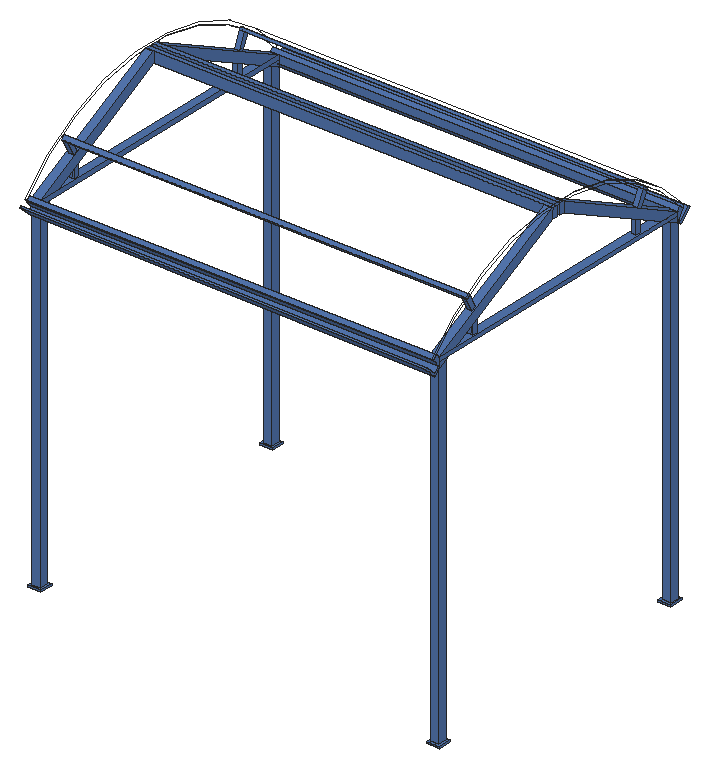
Revit family "Roof RTC-20", category Обобщенные модели, Revit 2019
Family settings
  Может служить основой для арматурных стержней = Нет
  Размер круглого соединителя = Использовать диаметр
  Тип детали = Нормальный
  На основе рабочей плоскости = Нет
  Всегда вертикально = Да
  При загрузке вырезать с полостями = Нет
  Общий = Нет
  Точка расчета площади = Нет
Parameters
  Weight = ""
  Unit of measurement = "pcs"
  URL = "https://www.perco.ru/products/krysha-rtc-20-dlya-polnorostovogo-turniketa-rtd-20.php"
  Operating temperature = "from -40°C to +55°C"
  Number = 1
  Name = "RTC-20 Roof"
  Material = Steel painted RAL 5010
  Изготовитель = "PERCo"
  Full name = "RTC-20 Roof for RTD-20 Full Height Turnstile"
  Dimensions = "2485х1840х2558 mm"
Reference planes
  plane 1 "По центру (Вперед/Назад)": y = 0
  plane 2: z = 0
  plane 3 "По центру (Влево/Вправо)": x = 0
  plane 4: y = 963.711
  plane 5: x = -1237.5
  plane 6: y = -963.711
  plane 7: x = 1237.5
Forms (mm)
  Extrusion 1, solid, material "Steel painted RAL 5010"
    sketch origin (0, 0, 0) x (1, 0, 0) y (0, 1, 0)
      loop
        line (-1252.5, 840) -> (-1172.5, 840) -> (-1172.5, 920) -> (-1252.5, 920) -> (-1252.5, 840)
      loop
        line (1252.5, 840) -> (1252.5, 920) -> (1172.5, 920) -> (1172.5, 840) -> (1252.5, 840)
      loop
        line (-1252.5, -840) -> (-1252.5, -920) -> (-1172.5, -920) -> (-1172.5, -840) -> (-1252.5, -840)
      loop
        line (1252.5, -840) -> (1172.5, -840) -> (1172.5, -920) -> (1252.5, -920) -> (1252.5, -840)
    from 0 to 10
  Extrusion 2, solid, material "Steel painted RAL 5010"
    sketch origin (0, 0, 0) x (1, 0, 0) y (0, 1, 0)
      loop
        line (-1237.5, 905) -> (-1237.5, 855) -> (-1187.5, 855) -> (-1187.5, 905) -> (-1237.5, 905)
      loop
        line (1237.5, 905) -> (1187.5, 905) -> (1187.5, 855) -> (1237.5, 855) -> (1237.5, 905)
      loop
        line (-1237.5, -905) -> (-1187.5, -905) -> (-1187.5, -855) -> (-1237.5, -855) -> (-1237.5, -905)
      loop
        line (1237.5, -905) -> (1237.5, -855) -> (1187.5, -855) -> (1187.5, -905) -> (1237.5, -905)
    from 10 to 2093
  Extrusion 3, solid, material "Steel painted RAL 5010"
    sketch origin (-427, 0, 0) x (1, 0, 0) y (0, 0, 1)
      loop
        line (-810.5, 2093) -> (-760.5, 2093) -> (-760.5, 2118) -> (-810.5, 2118) -> (-810.5, 2093)
      loop
        line (1664.5, 2093) -> (1664.5, 2118) -> (1614.5, 2118) -> (1614.5, 2093) -> (1664.5, 2093)
    from -905 to 905
  Extrusion 4, solid, material "Steel painted RAL 5010"
    sketch origin (0, 0, 0) x (0, 1, 0) y (0, 0, 1)
      loop
        line (905, 2068) -> (948.493, 2116.304) -> (925.899, 2138.899) -> (905, 2118) -> (905, 2068)
      loop
        line (-905, 2068) -> (-905, 2118) -> (-925.899, 2138.899) -> (-948.493, 2116.304) -> (-905, 2068)
    from -1237.5 to 1237.5
  Extrusion 5, solid, material "Acrylic, transparent"
    sketch origin (0, 0, 0) x (0, 1, 0) y (0, 0, 1)
      loop
        line (949.524, 2115.094) -> (963.711, 2129.282)
        arc (963.711, 2129.282) -> (0.795, 2574) -> (-962.679, 2130.49) r 1266.548
        line (-962.679, 2130.49) -> (-948.493, 2116.304)
        arc (-948.493, 2116.304) -> (0.795, 2554) -> (949.524, 2115.094) r 1246.548
    from -1237.5 to 1237.5
  Extrusion 6, solid, material "Steel painted RAL 5010"
    sketch origin (0, 0, 11.456) x (0, 1, 0) y (0, 0, 1)
      loop
        line (-15, 2542.544) -> (-40, 2542.544) -> (-40, 2478.95) -> (-15, 2478.95) -> (-15, 2542.544)
      loop
        line (15, 2542.544) -> (15, 2478.95) -> (40, 2478.95) -> (40, 2542.544) -> (15, 2542.544)
    from -1237.5 to 1237.5
  Extrusion 7, solid, material "Steel painted RAL 5010"
    sketch origin (0, 0, 0) x (0, 1, 0) y (0, 0, 1)
      loop
        line (905, 2118) -> (40, 2554) -> (40, 2490.406) -> (905, 2054.406) -> (905, 2118)
      loop
        line (-905, 2118) -> (-905, 2054.406) -> (-40, 2490.406) -> (-40, 2554) -> (-905, 2118)
    from -1237.5 to -1187.5
  Extrusion 8, solid, material "Steel painted RAL 5010"
    sketch origin (0, 0, 0) x (0, 1, 0) y (0, 0, -1)
      loop
        line (905, -2118) -> (905, -2054.406) -> (40, -2490.406) -> (40, -2554) -> (905, -2118)
      loop
        line (-905, -2118) -> (-40, -2554) -> (-40, -2490.406) -> (-905, -2054.406) -> (-905, -2118)
    from -1237.5 to -1187.5
  Extrusion 9, solid, material "Steel painted RAL 5010"
    sketch origin (0, 0, 0) x (1, 0, 0) y (0, 1, 0)
      loop
        line (-1212.5, 634.546) -> (-1227.5, 634.546) -> (-1227.5, 605) -> (-1197.5, 605) -> (-1197.5, 634.546) -> (-1212.5, 634.546)
      loop
        line (1212.5, 634.546) -> (1197.5, 634.546) -> (1197.5, 605) -> (1227.5, 605) -> (1227.5, 634.546) -> (1212.5, 634.546)
      loop
        line (-1212.5, -634.546) -> (-1197.5, -634.546) -> (-1197.5, -605) -> (-1227.5, -605) -> (-1227.5, -634.546) -> (-1212.5, -634.546)
      loop
        line (1212.5, -634.546) -> (1227.5, -634.546) -> (1227.5, -605) -> (1197.5, -605) -> (1197.5, -634.546) -> (1212.5, -634.546)
    from 2118 to 2231.206
  Extrusion 10, solid, material "Steel painted RAL 5010"
    sketch origin (0, 0, 0) x (0, 1, 0) y (0, 0, 1)
      loop
        line (690.884, 2345.027) -> (670.07, 2358.875) -> (661.761, 2346.386) -> (682.575, 2332.538) -> (690.884, 2345.027)
      loop
        line (-690.884, 2345.027) -> (-682.575, 2332.538) -> (-661.761, 2346.386) -> (-670.07, 2358.875) -> (-690.884, 2345.027)
    from -1227.5 to 1227.5
  Extrusion 11, solid, material "Steel painted RAL 5010"
    sketch origin (0, 0, 0) x (0, 1, 0) y (0, 0, 1)
      loop
        line (682.575, 2332.538) -> (661.761, 2346.386) -> (619.244, 2262.034) -> (641.407, 2250.863) -> (682.575, 2332.538)
      loop
        line (-682.575, 2332.538) -> (-641.407, 2250.863) -> (-619.244, 2262.034) -> (-661.761, 2346.386) -> (-682.575, 2332.538)
    from -1227.5 to -1197.5
  Extrusion 12, solid, material "Steel painted RAL 5010"
    sketch origin (0, 0, 0) x (0, 1, 0) y (0, 0, -1)
      loop
        line (682.575, -2332.538) -> (641.407, -2250.863) -> (619.244, -2262.034) -> (661.761, -2346.386) -> (682.575, -2332.538)
      loop
        line (-682.575, -2332.538) -> (-661.761, -2346.386) -> (-619.244, -2262.034) -> (-641.407, -2250.863) -> (-682.575, -2332.538)
    from -1227.5 to -1197.5
  Blend 13, solid, material "Steel painted RAL 5010"
    base sketch origin (0, 0, 0) x (0, 1, 0) y (0, 0, 1)
      loop
        line (905, 2068) -> (942.219, 2030.781) -> (1005.859, 2094.421) -> (998.787, 2101.492) -> (942.219, 2044.923) -> (912.071, 2075.071) -> (905, 2068)
    top sketch origin (0, 0, 0) x (0, 1, 0) y (0, 0, 1)
      loop
        line (932.755, 2040.245) -> (996.394, 2103.885) -> (989.323, 2110.956) -> (932.755, 2054.387) -> (912.071, 2075.071) -> (905, 2068) -> (932.755, 2040.245)
    from -1237.5 to 1237.5
  Blend 14, solid, material "Steel painted RAL 5010"
    base sketch origin (0, 0, 0) x (0, -1, 0) y (0, 0, 1)
      loop
        line (905, 2068) -> (942.219, 2030.781) -> (1005.859, 2094.421) -> (998.787, 2101.492) -> (942.219, 2044.923) -> (912.071, 2075.071) -> (905, 2068)
    top sketch origin (0, 0, 0) x (0, -1, 0) y (0, 0, 1)
      loop
        line (932.755, 2040.245) -> (996.394, 2103.885) -> (989.323, 2110.956) -> (932.755, 2054.387) -> (912.071, 2075.071) -> (905, 2068) -> (932.755, 2040.245)
    from -1237.5 to 1237.5
Cuts and joins
  joined: Extrusion 1, Extrusion 2
Dimensions and locks
  aligned and locked: level to plane 2
